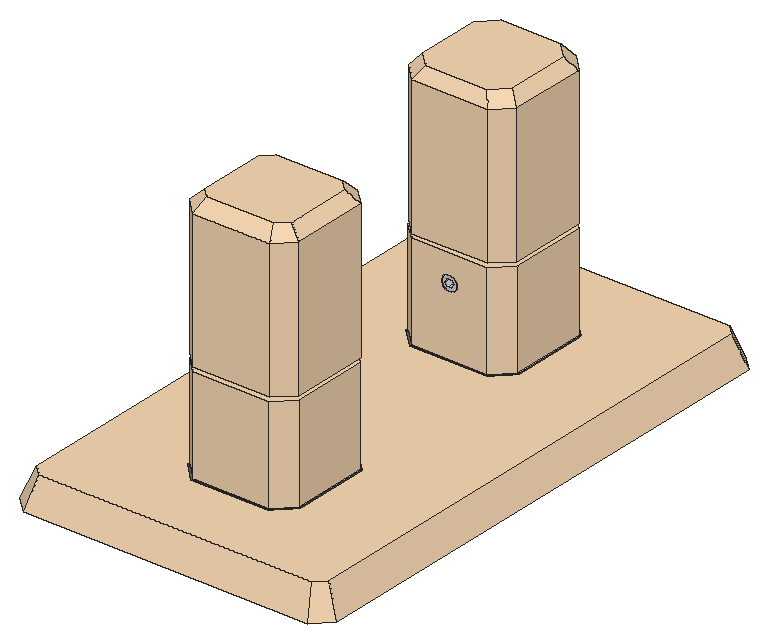
Revit family "Shower-Valve_Trim-KALLISTA-Italy-P33363", category Specialty Equipment, host Face, Revit 2021
Family settings
  Host = Face
  Round Connector Dimension = Use Diameter
  Part Type = Normal
  OmniClass Number = 23.31.25.00
  OmniClass Title = Toilet and Bath Specialties
  Cut with Voids When Loaded = No
  Shared = No
  Room Calculation Point = No
Parameters (values of type "2MB-Brushed Brass")
  Width = 4.56693"  # constant formula
  WaterSense Certified = 1 = 0  # no
  URL = "https://www.kallista.com/"
  Type = 1
  Product Page URL = ""
  Product Name = "Italy"  # constant formula
  Product Documentation Link = ""
  Model = if(Type = 1, "P33363-00-2MB", if(Type = 2, "P33363-00-BGP", if(Type = 3, "P33363-00-BLH", if(Type = 4, "P33363-00-BN", if(Type = 5, "P33363-00-CP", if(Type = 6, "P33363-00-PGP", "NA"))))))  # "P33363-00-2MB"
  Material = "Premium Metal Construction"  # constant formula
  Master Format 2014 Name = "Toilet, Bath, and Laundry Accessories"  # constant formula
  Master Format 2014 = "10 28 00"  # constant formula
  Manufacturer Address = "444 Highland Dr, Kohler, WI 53044"  # constant formula
  Manufacturer = "Kallista Co."  # constant formula
  Length = 4.01575"  # constant formula
  Height = 7.87402"  # constant formula
  Handle Clearance = 1 147/256"  # constant formula
  Finish = Kallista-Metal-2MB- Brushed_Brass
  Environmental Product Declaration = ""
  Description = "1-Outlet Stacked Thermostatic Trim With Diverter"  # constant formula
  Default Elevation = 42"
  Declare Label = ""
  Date Modified = "10/18/2024"  # constant formula
  Date Created = "10/18/2024"  # constant formula
  Copyright = "Copyright Kallista Co."  # constant formula
  Contact Us = "https://www.kallista.com/corporate/contact-us/"
  Assembly Code = "C1030200"
  ADA Compliant = 1 = 0  # no
Types (7): name | Type | Model | Finish
  (no name) | 1 | "P33363-00-2MB" | Kallista-Metal-2MB- Brushed_Brass
  2MB-Brushed Brass | 1 | "P33363-00-2MB" | Kallista-Metal-2MB- Brushed_Brass
  BGP-Brushed Graphite | 2 | "P33363-00-BGP" | Kallista-Metal-BGP-Brushed_Graphite
  BLH-Blush Brass | 3 | "P33363-00-BLH" | Kallista-Metal-BLH-Blush_Brass
  BN-Brushed Nickel | 4 | "P33363-00-BN" | Kallista-Metal-BN-Brushed_Nickel
  CP-Chrome | 5 | "P33363-00-CP" | Kallista-Metal-CP-Chrome
  PGP-Polished Graphite | 6 | "P33363-00-PGP" | Kallista-Metal-PGP-Polished_Graphite
Reference planes (in)
  plane 1 "Center (Front/Back)": y = 0
  plane 2: z = 0
  plane 3 "Center (Left/Right)": x = 0
  plane 4: y = 3.75532
  plane 5: y = 3.93701
  plane 6: y = -3.93701
  plane 7: x = -2.28346
  plane 8: x = 2.28346
  plane 9: y = -1.9685
  plane 10: y = 1.9685
  plane 11: x = -0.7874
  plane 12: x = 0.78682
  plane 13: z = 4.01575
  plane 14: z = 0.43307
  plane 15: y = -1.04721
  plane 16: y = 2.75591
  plane 17: y = 1.1811
  plane 18: y = 1.9685
  plane 19: y = 1.9685
  plane 20: y = -2.75591
  plane 21: y = -1.1811
Dimensions and locks (in)
  "Width": plane 7 to plane 8
  "Height": plane 5 to plane 6
  "Length": level to plane 13
  "Handle Clearance": plane 11 to plane 12
  plane 10 to plane 9 = 3.93701"
  plane 5 to plane 6 = 7.87402"  (x2)
  plane 16 to plane 17 = 1.5748"  (x2)
  plane 21 to plane 20 = 1.5748"  (x2)
  plane 6 to plane 5 = 7.87402"
  level to plane 13 = 4.01575"  (x2)
  plane 17 to plane 16 = 1.5748"
  plane 20 to plane 21 = 1.5748"
  plane 7 to plane 8 = 4.56693"
  plane 11 to plane 12 = 1 147/256"
  level to plane 14 = 0.43307"  (x2)
  plane 14 to level = 0.43307"
  aligned and locked: plane 2 to host face
  aligned and locked: level to host face
  aligned and locked: plane 3 "Center (Left/Right)" to nested 1
  aligned and locked: plane 1 "Center (Front/Back)" to nested 1
Automatic sketch dimensions
  host sketch curve to host sketch curve = 96"  (x2)
Nested families (in)
  nested 1: "P33363" at (0, 0, 0), type "P33363"
Definition of nested family "P33363"
  Parameters
    Material = none
    Default Elevation = 0"
  Reference planes (in)
    plane 1 "Center (Front/Back)": y = 0
    plane 2: z = 0
    plane 3 "Center (Left/Right)": x = 0
    plane 4: y = -3.93701
    plane 5: y = 3.93701
    plane 6: x = -2.28346
    plane 7: x = 2.28346
    plane 8: y = 1.9685
    plane 9: y = -1.9685
    plane 10: y = -1.9685
    plane 11: z = 3.85802
    plane 12: z = 0.43307
    plane 13: z = 4.01575
    plane 14: y = -1.04721
    plane 15: x = 0.7874
    plane 16: x = -0.7874
    plane 17: y = 2.75591
    plane 18: y = 1.1811
    plane 19: y = -2.75591
    plane 20: y = -1.1811
  Forms (in)
    Blend 1, solid, material <- "Material", detail levels medium+fine
      base sketch origin (0, 0, 0) x (1, 0, 0) y (0, 1, 0)
        loop
          line (2.05113, 3.93701) -> (-2.0469, 3.93701) -> (-2.28346, 3.70044) -> (-2.28346, -3.69967) -> (-2.04613, -3.93701) -> (2.0497, -3.93701) -> (2.28346, -3.70325) -> (2.28346, 3.70468) -> (2.05113, 3.93701)
      top sketch origin (0, 0, 0) x (1, 0, 0) y (0, 1, 0)
        loop
          line (-1.98293, 3.75532) -> (-2.10632, 3.63193) -> (-2.10632, -3.62597) -> (-1.97127, -3.76102) -> (1.97189, -3.76102) -> (2.10291, -3.63) -> (2.10291, 3.63109) -> (1.97868, 3.75532) -> (-1.98293, 3.75532)
      from 0 to 0.43358
    Blend 2, solid, material <- "Material", detail levels medium+fine
      base sketch origin (0, 0, 0) x (1, 0, 0) y (0, 1, 0)
        loop
          line (-0.78877, 1.41604) -> (-0.55057, 1.17783) -> (0.54389, 1.17783) -> (0.78877, 1.42271) -> (0.78877, 2.51429) -> (0.54389, 2.75917) -> (-0.55057, 2.75917) -> (-0.78877, 2.52097) -> (-0.78877, 1.41604)
      top sketch origin (0, 0, 0) x (1, 0, 0) y (0, 1, 0)
        loop
          line (-0.78877, 1.41604) -> (-0.55057, 1.17783) -> (0.54389, 1.17783) -> (0.78877, 1.42271) -> (0.78877, 2.51429) -> (0.54389, 2.75917) -> (-0.55057, 2.75917) -> (-0.78877, 2.52097) -> (-0.78877, 1.41604)
      from 0.43358 to 1.81471
    Blend 3, solid, material <- "Material", detail levels medium+fine
      base sketch origin (0, 0, 0) x (1, 0, 0) y (0, 1, 0)
        loop
          line (-0.78877, -1.41604) -> (-0.78877, -2.52097) -> (-0.55057, -2.75917) -> (0.54389, -2.75917) -> (0.78877, -2.51429) -> (0.78877, -1.42271) -> (0.54389, -1.17783) -> (-0.55057, -1.17783) -> (-0.78877, -1.41604)
      top sketch origin (0, 0, 0) x (1, 0, 0) y (0, 1, 0)
        loop
          line (-0.78877, -1.41604) -> (-0.78877, -2.52097) -> (-0.55057, -2.75917) -> (0.54389, -2.75917) -> (0.78877, -2.51429) -> (0.78877, -1.42271) -> (0.54389, -1.17783) -> (-0.55057, -1.17783) -> (-0.78877, -1.41604)
      from 0.43358 to 1.81471
    Revolve 4, solid, detail levels medium+fine
      sketch origin (0, 0, 0) x (0, 1, 0) y (0, 0, 1)
        loop
          line (1.9685, 1.8777) -> (1.9685, 1.81471) -> (2.43095, 1.81471) -> (2.43095, 1.8462) -> (2.69687, 1.8462) -> (2.69687, 1.8777) -> (1.9685, 1.8777)
        axis (1.9685, 1.81471) -> (1.9685, 1.8777)
      angle from 0 to 360
    Revolve 5, solid, detail levels medium+fine
      sketch origin (0, 0, 0) x (0, -1, 0) y (0, 0, -1)
        loop
          line (1.9685, -1.8777) -> (2.69687, -1.8777) -> (2.69687, -1.8462) -> (2.43095, -1.8462) -> (2.43095, -1.81471) -> (1.9685, -1.81471) -> (1.9685, -1.8777)
        axis (1.9685, -1.81471) -> (1.9685, -1.8777)
      angle from 0 to 360
    Extrusion 6, solid, material <- "Material", detail levels medium+fine
      sketch origin (0, 0, 0) x (1, 0, 0) y (0, 1, 0)
        loop
          line (0.78662, 1.41005) -> (0.78662, 2.52024) -> (0.55213, 2.75473) -> (-0.54829, 2.75473) -> (-0.78819, 2.51483) -> (-0.78819, 1.4247) -> (-0.53905, 1.17556) -> (0.55213, 1.17556) -> (0.78662, 1.41005)
      from 1.8777 to 3.85967
    Extrusion 7, solid, material <- "Material", detail levels medium+fine
      sketch origin (0, 0, 0) x (1, 0, 0) y (0, 1, 0)
        loop
          line (0.78662, -1.41005) -> (0.55213, -1.17556) -> (-0.53905, -1.17556) -> (-0.78819, -1.4247) -> (-0.78819, -2.51483) -> (-0.54829, -2.75473) -> (0.55213, -2.75473) -> (0.78662, -2.52024) -> (0.78662, -1.41005)
      from 1.8777 to 3.85967
    Blend 8, solid, material <- "Material", detail levels medium+fine
      base sketch origin (0, 0, 0) x (1, 0, 0) y (0, 1, 0)
        loop
          line (0.78662, 1.41005) -> (0.78662, 2.52024) -> (0.55213, 2.75473) -> (-0.54829, 2.75473) -> (-0.78819, 2.51483) -> (-0.78819, 1.4247) -> (-0.53905, 1.17556) -> (0.55213, 1.17556) -> (0.78662, 1.41005)
      top sketch origin (0, 0, 0) x (1, 0, 0) y (0, 1, 0)
        loop
          line (-0.43623, 2.64079) -> (-0.64925, 2.42778) -> (-0.64925, 1.50923) -> (-0.43623, 1.29621) -> (0.43623, 1.29621) -> (0.64925, 1.50923) -> (0.64925, 2.42778) -> (0.43623, 2.64079) -> (-0.43623, 2.64079)
      from 3.85967 to 4.02402
    Blend 9, solid, material <- "Material", detail levels medium+fine
      base sketch origin (0, 0, 0) x (1, 0, 0) y (0, 1, 0)
        loop
          line (0.55213, -1.17556) -> (-0.53905, -1.17556) -> (-0.78819, -1.4247) -> (-0.78819, -2.51483) -> (-0.54829, -2.75473) -> (0.55213, -2.75473) -> (0.78662, -2.52024) -> (0.78662, -1.41005) -> (0.55213, -1.17556)
      top sketch origin (0, 0, 0) x (1, 0, 0) y (0, 1, 0)
        loop
          line (-0.48545, -2.59158) -> (0.48545, -2.59158) -> (0.62464, -2.45239) -> (0.62464, -1.48462) -> (0.48545, -1.34543) -> (-0.48545, -1.34543) -> (-0.62464, -1.48462) -> (-0.62464, -2.45239) -> (-0.48545, -2.59158)
      from 3.85967 to 4.02402
    Extrusion 10, void
      sketch origin (0, 0, 0) x (1, 0, 0) y (0, 0, 1)
        loop
          circle (-0.00221, 1.42345) r 0.11024
      from -1.49506 to -1.14184
    Extrusion 11, solid, detail levels medium+fine
      sketch origin (0, 0, 0) x (1, 0, 0) y (0, 0, 1)
        loop
          circle (0.00119, 1.42046) r 0.1063
        loop
          line (-0.06493, 1.42128) -> (-0.03217, 1.36454) -> (0.03291, 1.36454) -> (0.06605, 1.42194) -> (0.03301, 1.47916) -> (-0.03151, 1.47916) -> (-0.06493, 1.42128)
      from -1.49506 to -1.18137
    Extrusion 12, solid, material <- "Material", detail levels medium+fine
      sketch origin (0, 0, 0) x (1, 0, 0) y (0, 0, 1)
        loop
          line (0.14917, 2.60015) -> (0.14917, 2.87507)
          arc (0.14917, 2.87507) -> (0.00134, 3.02289) -> (-0.14648, 2.87507) r 0.14782
          line (-0.14648, 2.87507) -> (-0.14648, 2.60015)
          arc (-0.14648, 2.60015) -> (0.00134, 2.45232) -> (0.14917, 2.60015) r 0.14782
        loop
          arc (0.09824, 2.87666) -> (0.00063, 2.97427) -> (-0.09697, 2.87666) r 0.09761
          line (-0.09697, 2.87666) -> (-0.09697, 2.59704)
          arc (-0.09697, 2.59704) -> (0.00063, 2.49944) -> (0.09824, 2.59704) r 0.09761
          line (0.09824, 2.59704) -> (0.09824, 2.87666)
      from 1.04721 to 1.31456
    Extrusion 13, solid, material <- "Material", detail levels medium+fine
      sketch origin (0, 0, 0) x (1, 0, 0) y (0, 0, 1)
        loop
          arc (0.09824, 2.87666) -> (0.00063, 2.97427) -> (-0.09697, 2.87666) r 0.09761
          line (-0.09697, 2.87666) -> (-0.09697, 2.59704)
          arc (-0.09697, 2.59704) -> (0.00063, 2.49944) -> (0.09824, 2.59704) r 0.09761
          line (0.09824, 2.59704) -> (0.09824, 2.87666)
      from 1.04721 to 1.41604
    Blend 14, solid, material <- "Material", detail levels coarse
      base sketch origin (0, 0, 0) x (1, 0, 0) y (0, 1, 0)
        loop
          line (2.28346, 3.93701) -> (-2.28346, 3.93701) -> (-2.28346, -3.93701) -> (2.28346, -3.93701) -> (2.28346, 3.93701)
      top sketch origin (0, 0, 0) x (1, 0, 0) y (0, 1, 0)
        loop
          line (2.10291, -3.76102) -> (2.10291, 3.75532) -> (-2.10632, 3.75532) -> (-2.10632, -3.76102) -> (2.10291, -3.76102)
      from 0 to 0.43358
    Blend 15, solid, material <- "Material", detail levels coarse
      base sketch origin (0, 0, 0) x (1, 0, 0) y (0, 1, 0)
        loop
          line (0.78662, 1.41005) -> (0.78662, 2.52024) -> (0.55213, 2.75473) -> (-0.54829, 2.75473) -> (-0.78819, 2.51483) -> (-0.78819, 1.4247) -> (-0.53905, 1.17556) -> (0.55213, 1.17556) -> (0.78662, 1.41005)
      top sketch origin (0, 0, 0) x (1, 0, 0) y (0, 1, 0)
        loop
          line (0.78662, 1.41005) -> (0.78662, 2.52024) -> (0.55213, 2.75473) -> (-0.54829, 2.75473) -> (-0.78819, 2.51483) -> (-0.78819, 1.4247) -> (-0.53905, 1.17556) -> (0.55213, 1.17556) -> (0.78662, 1.41005)
      from 0 to 4.02402
    Blend 16, solid, material <- "Material", detail levels coarse
      base sketch origin (0, 0, 0) x (1, 0, 0) y (0, 1, 0)
        loop
          line (0.78662, -1.41005) -> (0.55213, -1.17556) -> (-0.53905, -1.17556) -> (-0.78819, -1.4247) -> (-0.78819, -2.51483) -> (-0.54829, -2.75473) -> (0.55213, -2.75473) -> (0.78662, -2.52024) -> (0.78662, -1.41005)
      top sketch origin (0, 0, 0) x (1, 0, 0) y (0, 1, 0)
        loop
          line (0.78662, -1.41005) -> (0.55213, -1.17556) -> (-0.53905, -1.17556) -> (-0.78819, -1.4247) -> (-0.78819, -2.51483) -> (-0.54829, -2.75473) -> (0.55213, -2.75473) -> (0.78662, -2.52024) -> (0.78662, -1.41005)
      from 0 to 4.02402
    Extrusion 17, solid, material <- "Material", detail levels coarse
      sketch origin (0, 0, 0) x (1, 0, 0) y (0, 0, 1)
        loop
          line (-0.14648, 2.87507) -> (-0.14648, 2.60015)
          arc (-0.14648, 2.60015) -> (0.00134, 2.45232) -> (0.14917, 2.60015) r 0.14782
          line (0.14917, 2.60015) -> (0.14917, 2.87507)
          arc (0.14917, 2.87507) -> (0.00134, 3.02289) -> (-0.14648, 2.87507) r 0.14782
      from 1.03851 to 1.42271
    Extrusion 18, void
      sketch origin (0, 0, 0) x (1, 0, 0) y (0, 1, 0)
        loop
          line (0.55204, -1.15815) -> (-0.55872, -1.15815) -> (-0.80846, -1.40788) -> (-0.80846, -2.52913) -> (-0.55872, -2.77886) -> (0.55204, -2.77886) -> (0.80846, -2.52245) -> (0.80846, -1.41456) -> (0.55204, -1.15815)
        loop
          line (0.80846, 1.41456) -> (0.80846, 2.52245) -> (0.55204, 2.77886) -> (-0.55872, 2.77886) -> (-0.80846, 2.52913) -> (-0.80846, 1.40788) -> (-0.55872, 1.15815) -> (0.55204, 1.15815) -> (0.80846, 1.41456)
        loop
          line (-0.78877, 1.41604) -> (-0.55057, 1.17783) -> (0.54389, 1.17783) -> (0.78877, 1.42271) -> (0.78877, 2.51429) -> (0.54389, 2.75917) -> (-0.55057, 2.75917) -> (-0.78877, 2.52097) -> (-0.78877, 1.41604)
        loop
          line (-0.78877, -2.52097) -> (-0.55057, -2.75917) -> (0.54389, -2.75917) -> (0.78877, -2.51429) -> (0.78877, -1.42271) -> (0.54389, -1.17783) -> (-0.55057, -1.17783) -> (-0.78877, -1.41604) -> (-0.78877, -2.52097)
      from 0.41211 to 0.50627
    Extrusion 19, solid, detail levels medium+fine
      sketch origin (0, 0, 0) x (1, 0, 0) y (0, 1, 0)
        loop
          line (0.55204, -1.15815) -> (-0.55872, -1.15815) -> (-0.80846, -1.40788) -> (-0.80846, -2.52913) -> (-0.55872, -2.77886) -> (0.55204, -2.77886) -> (0.80846, -2.52245) -> (0.80846, -1.41456) -> (0.55204, -1.15815)
        loop
          line (0.80846, 1.41456) -> (0.80846, 2.52245) -> (0.55204, 2.77886) -> (-0.55872, 2.77886) -> (-0.80846, 2.52913) -> (-0.80846, 1.40788) -> (-0.55872, 1.15815) -> (0.55204, 1.15815) -> (0.80846, 1.41456)
        loop
          line (-0.78877, 1.41604) -> (-0.55057, 1.17783) -> (0.54389, 1.17783) -> (0.78877, 1.42271) -> (0.78877, 2.51429) -> (0.54389, 2.75917) -> (-0.55057, 2.75917) -> (-0.78877, 2.52097) -> (-0.78877, 1.41604)
        loop
          line (-0.78877, -2.52097) -> (-0.55057, -2.75917) -> (0.54389, -2.75917) -> (0.78877, -2.51429) -> (0.78877, -1.42271) -> (0.54389, -1.17783) -> (-0.55057, -1.17783) -> (-0.78877, -1.41604) -> (-0.78877, -2.52097)
      from 0.41211 to 0.43358
  Cuts and joins
    joined: Extrusion 12, Extrusion 13
    Extrusion 10 cuts Blend 2
    joined: Blend 2, Blend 3
    joined: Extrusion 7, Blend 9
    joined: Extrusion 6, Blend 8
    Extrusion 18 cuts Blend 1
  Lines and regions (in)
    Masking region 1
      outline origin (0, 0, 0) x (1, 0, 0) y (0, 1, 0)
        loop
          line (2.28346, 3.70468) -> (2.05113, 3.93701) -> (-2.0469, 3.93701) -> (-2.28346, 3.70044) -> (-2.28346, -3.69967) -> (-2.04613, -3.93701) -> (2.0497, -3.93701) -> (2.28346, -3.70325) -> (2.28346, 3.70468)
    Masking region 2
      outline origin (0, 0, 0) x (1, 0, 0) y (0, 0, 1)
        loop
          line (0.6328, 4.01575) -> (-0.6328, 4.01575) -> (-0.7874, 3.85887) -> (-0.7874, 1.8777) -> (-0.72837, 1.8777) -> (-0.72837, 1.8462) -> (-0.46325, 1.8462) -> (-0.46325, 1.81471) -> (-0.7874, 1.81471) -> (-0.7874, 0.43307) -> (-2.10558, 0.43307) -> (-2.28346, 0.25518) -> (-2.28346, 0) -> (2.28346, 0) -> (2.28346, 0.25518) -> (2.10558, 0.43307) -> (0.7874, 0.43307) -> (0.7874, 1.81471) -> (0.46325, 1.81471) -> (0.46325, 1.8462) -> (0.72837, 1.8462) -> (0.72837, 1.8777) -> (0.7874, 1.8777) -> (0.7874, 3.85887) -> (0.6328, 4.01575)
    Masking region 3
      outline origin (0, 0, 0) x (0, 1, 0) y (0, 0, 1)
        loop
          line (3.93701, 0) -> (3.93701, 0.25518) -> (3.75912, 0.43307) -> (2.75591, 0.43307) -> (2.75591, 1.81471) -> (2.43095, 1.81471) -> (2.43095, 1.8462) -> (2.69687, 1.8462) -> (2.69687, 1.8777) -> (2.75591, 1.8777) -> (2.75591, 3.85848) -> (2.5998, 4.01575) -> (1.33721, 4.01575) -> (1.1811, 3.85848) -> (1.1811, 1.8777) -> (1.24014, 1.8777) -> (1.24014, 1.8462) -> (1.50606, 1.8462) -> (1.50606, 1.81471) -> (1.1811, 1.81471) -> (1.1811, 0.43307) -> (-1.1811, 0.43307) -> (-1.1811, 1.81471) -> (-1.50606, 1.81471) -> (-1.50606, 1.8462) -> (-1.24014, 1.8462) -> (-1.24014, 1.8777) -> (-1.1811, 1.8777) -> (-1.1811, 2.45232) -> (-1.04721, 2.45232) -> (-1.04721, 3.02289) -> (-1.1811, 3.02289) -> (-1.1811, 3.85848) -> (-1.33721, 4.01575) -> (-2.5998, 4.01575) -> (-2.75591, 3.85848) -> (-2.75591, 1.8777) -> (-2.69687, 1.8777) -> (-2.69687, 1.8462) -> (-2.43095, 1.8462) -> (-2.43095, 1.81471) -> (-2.75591, 1.81471) -> (-2.75591, 0.43307) -> (-3.75912, 0.43307) -> (-3.93701, 0.25518) -> (-3.93701, 0) -> (3.93701, 0)
    symbolic lines, detail levels medium+fine
      curve 1: line (0.55213, 2.75473, 0) -> (-0.54829, 2.75473, 0)
      curve 2: line (-0.78819, 2.51483, 0) -> (-0.78819, 1.4247, 0)
      curve 3: line (-0.54829, 2.75473, 0) -> (-0.78819, 2.51483, 0)
      curve 4: line (-0.78819, 1.4247, 0) -> (-0.53905, 1.17556, 0)
      curve 5: line (-0.53905, 1.17556, 0) -> (0.55213, 1.17556, 0)
      curve 6: line (0.55213, 1.17556, 0) -> (0.78662, 1.41005, 0)
      curve 7: line (0.78662, 1.41005, 0) -> (0.78662, 2.52024, 0)
      curve 8: line (0.48545, 2.59158, 0) -> (-0.48545, 2.59158, 0)
      curve 9: line (-0.48545, 2.59158, 0) -> (-0.62464, 2.45239, 0)
      curve 10: line (-0.62464, 2.45239, 0) -> (-0.62464, 1.48462, 0)
      curve 11: line (-0.62464, 1.48462, 0) -> (-0.48545, 1.34543, 0)
      curve 12: line (-0.48545, 1.34543, 0) -> (0.48545, 1.34543, 0)
      curve 13: line (0.48545, 1.34543, 0) -> (0.62464, 1.48462, 0)
      curve 14: line (0.62464, 1.48462, 0) -> (0.62464, 2.45239, 0)
      curve 15: line (0.62464, 2.45239, 0) -> (0.48545, 2.59158, 0)
      curve 16: line (0.55767, -1.1811, 0) -> (-0.54459, -1.1811, 0)
      curve 17: line (-0.54459, -1.1811, 0) -> (-0.78819, -1.4247, 0)
      curve 18: line (-0.78819, -1.4247, 0) -> (-0.78819, -2.51483, 0)
      curve 19: line (-0.78819, -2.51483, 0) -> (-0.54829, -2.75473, 0)
      curve 20: line (-0.54829, -2.75473, 0) -> (0.55213, -2.75473, 0)
      curve 21: line (0.55213, -2.75473, 0) -> (0.78662, -2.52024, 0)
      curve 22: line (0.78662, -2.52024, 0) -> (0.78662, -1.41005, 0)
      curve 23: line (0.78662, -1.41005, 0) -> (0.55767, -1.1811, 0)
      curve 24: line (0.48545, -1.34543, 0) -> (-0.48545, -1.34543, 0)
      curve 25: line (-0.48545, -1.34543, 0) -> (-0.62464, -1.48462, 0)
      curve 26: line (-0.62464, -1.48462, 0) -> (-0.62464, -2.45239, 0)
      curve 27: line (-0.62464, -2.45239, 0) -> (-0.48545, -2.59158, 0)
      curve 28: line (-0.48545, -2.59158, 0) -> (0.48545, -2.59158, 0)
      curve 29: line (0.48545, -2.59158, 0) -> (0.62464, -2.45239, 0)
      curve 30: line (0.62464, -2.45239, 0) -> (0.62464, -1.48462, 0)
      curve 31: line (0.62464, -1.48462, 0) -> (0.48545, -1.34543, 0)
      curve 32: line (1.97868, 3.75532, 0) -> (-1.98293, 3.75532, 0)
      curve 33: line (-1.98293, 3.75532, 0) -> (-2.10632, 3.63193, 0)
      curve 34: line (-2.10632, 3.63193, 0) -> (-2.10632, -3.62597, 0)
      curve 35: line (-2.10632, -3.62597, 0) -> (-1.97127, -3.76102, 0)
      curve 36: line (-1.97127, -3.76102, 0) -> (1.97189, -3.76102, 0)
      curve 37: line (1.97189, -3.76102, 0) -> (2.10291, -3.63, 0)
      curve 38: line (2.10291, -3.63, 0) -> (2.10291, 3.63109, 0)
      curve 39: line (2.10291, 3.63109, 0) -> (1.97868, 3.75532, 0)
      curve 40: line (2.05113, 3.93701, 0) -> (1.97868, 3.75532, 0)
      curve 41: line (2.28346, 3.70468, 0) -> (2.10291, 3.63109, 0)
      curve 42: line (-2.28346, 3.70044, 0) -> (-2.10632, 3.63193, 0)
      curve 43: line (-1.98293, 3.75532, 0) -> (-2.0469, 3.93701, 0)
      curve 44: line (-2.28346, -3.69967, 0) -> (-2.10632, -3.62597, 0)
      curve 45: line (-2.04613, -3.93701, 0) -> (-1.97127, -3.76102, 0)
      curve 46: line (2.0497, -3.93701, 0) -> (1.97189, -3.76102, 0)
      curve 47: line (2.28346, -3.70325, 0) -> (2.10291, -3.63, 0)
      curve 48: line (0.55213, 2.75473, 0) -> (0.78662, 2.52024, 0)
      curve 49: line (0.72837, 0, 1.8777) -> (-0.72837, 0, 1.8777)
      curve 50: line (0.46325, 0, 1.8462) -> (-0.46325, 0, 1.8462)
      curve 51: line (0.46325, 0, 1.81471) -> (-0.46325, 0, 1.81471)
      curve 52: line (0.78877, 0, 0.43358) -> (-0.78877, 0, 0.43358)
      curve 53: line (2.28346, 0, 0.25518) -> (-2.28346, 0, 0.25518)
      curve 54: line (-0.78819, 0, 3.85967) -> (0.78662, 0, 3.85967)
      curve 55: line (0, 2.75591, 3.85848) -> (0, 1.1811, 3.85848)
      curve 56: line (0, -1.1811, 3.85848) -> (0, -2.75591, 3.85848)
      curve 57: line (0, 2.69687, 1.8777) -> (0, 1.24014, 1.8777)
      curve 58: line (0, 2.43095, 1.8462) -> (0, 1.50606, 1.8462)
      curve 59: line (0, 2.43095, 1.81471) -> (0, 1.50606, 1.81471)
      curve 60: line (0, 2.75591, 0.43307) -> (0, 1.1811, 0.43307)
      curve 61: line (0, 3.93701, 0.25518) -> (0, -3.93701, 0.25518)
      curve 62: line (0, -1.1811, 0.43307) -> (0, -2.75591, 0.43307)
      curve 63: line (0, -1.24014, 1.8777) -> (0, -2.69687, 1.8777)
      curve 64: line (0, -1.50606, 1.8462) -> (0, -2.43095, 1.8462)
      curve 65: line (0, -1.50606, 1.81471) -> (0, -2.43095, 1.81471)
      curve 66: line (0, -1.1811, 3.02289) -> (0, -1.1811, 2.45232)
      curve 67: line (-0.14648, -1.04721, 0) -> (-0.14648, -1.1811, 0)
      curve 68: line (0.14917, -1.04721, 0) -> (0.14917, -1.1811, 0)
      curve 69: line (-0.14648, -1.04721, 0) -> (0.14917, -1.04721, 0)
  Dimensions and locks (in)
    plane 15 to plane 16 = 1.5748"
    plane 19 to plane 20 = 1.5748"
    plane 16 to plane 15 = 1.5748"
    plane 18 to plane 17 = 1.5748"
    aligned and locked: plane 2 to level
    aligned and locked: plane 13 to Masking region 2 sketch curve
    aligned and locked: plane 16 to Masking region 2 sketch curve  (x2)
    aligned and locked: plane 15 to Masking region 2 sketch curve  (x2)
    aligned and locked: plane 12 to Masking region 2 sketch curve  (x2)
    aligned and locked: plane 6 to Masking region 2 sketch curve
    aligned and locked: plane 7 to Masking region 2 sketch curve
    aligned and locked: Masking region 2 sketch curve to level
    aligned and locked: plane 17 to Masking region 3 sketch curve  (x2)
    aligned and locked: plane 18 to Masking region 3 sketch curve  (x2)
    aligned and locked: Masking region 3 sketch curve to plane 13
    aligned and locked: Masking region 3 sketch curve to plane 12  (x3)
    aligned and locked: plane 13 to Masking region 3 sketch curve
    aligned and locked: plane 20 to Masking region 3 sketch curve  (x3)
    aligned and locked: plane 14 to Masking region 3 sketch curve
    aligned and locked: plane 19 to Masking region 3 sketch curve  (x2)
    aligned and locked: Masking region 3 sketch curve to plane 4
